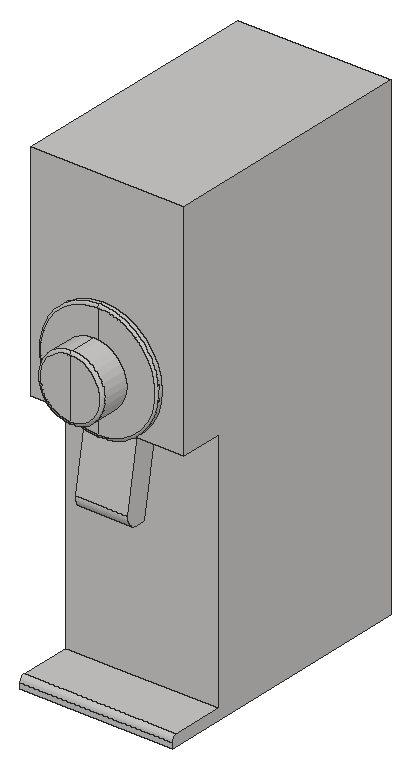
Revit family "QF_ELECTROLUXPROFESSIONAL_600789_E810UK", category Specialty Equipment, Revit 2018
Family settings
  Round Connector Dimension = Use Diameter
  Part Type = Normal
  Work Plane-Based = No
  Always vertical = Yes
  Cut with Voids When Loaded = No
  Shared = No
  Room Calculation Point = No
Parameters
  Weight = 0.00 lbm
  Watts = 0 W
  Volts = 230 V
  URL Manufacturer = "http://professional.electrolux.com"
  URL = "http://professional.electrolux.com"
  Steam Supply Size = 0"
  Steam Supply Minimum Pressure = 0.00 psi
  Steam Supply Maximum Pressure = 0.00 psi
  Steam Pounds per Hour = 0
  Show Clearance [instance] = yes
  Refrigeration Suction Line Size = 0"
  Refrigeration Liquid Line Size = 0"
  Refrigerant Compressor Remote = yes
  Phase = 1
  Model = "E810UK"
  Manufacturer = "Electrolux"
  Length Actual = 178 mm  # constant formula
  Item Number = "600789"
  Hot Water Size = 0"
  Height Actual = 559 mm  # constant formula
  HP = "1.1 HP"
  Gas Size = 0"
  Gas KW = 0
  Gas Input Pressure = 0.0 Btu/h
  Direct Waste Size = 0"
  Description = "GRINDER. ONE 0.7 KG HOPPER - BLACK WITH MEDIUM DUTY GRINDER-UK PLUG"
  Depth Actual = 356 mm  # constant formula
  Cycle = 50 Hz
  Condensate Return Size = 0"
  Compressed Air Volume = 0 GPM
  Compressed Air Size = 0"
  Compressed Air Pressure = 0.00 psi
  Cold Water Size = 0"
  Accessory = yes
Reference planes
  plane 1 "BACK": y = 0
  plane 2: z = 0
  plane 3 "LEFT": x = 0
  plane 4 "RIGHT": x = 178
  plane 5 "FRONT": y = -356
  plane 6 "TOP": z = 559
  plane 7 "Center Y": x = 89
  plane 8 "Center X": y = -178
Forms (mm)
  Extrusion 1, solid, material "QF_Metal - Stainless - Polished"
    sketch origin (0, 0, 0) x (0, 1, 0) y (0, 0, 1)
      loop
        line (-301.964, 559) -> (-301.964, 298.786) -> (-251.107, 298.786) -> (-251.107, 12.714) -> (-311.337, 12.714)
        arc (-311.337, 12.714) -> (-315.947, 10.804) -> (-317.857, 6.194) r 6.521
        line (-317.857, 6.194) -> (-317.857, 0) -> (0, 0) -> (0, 559) -> (-301.964, 559)
    from 0 to 178
  Revolve 2, solid, material "QF_Metal - Stainless - Polished"
    sketch origin (89, 175.397, 1219.2) x (0, 1, 0) y (0, 0, 1)
      loop
        line (-477.362, -857.479) -> (-477.362, -804.079) -> (-483.719, -804.079) -> (-483.719, -788.186) -> (-488.201, -788.186)
        arc (-488.201, -788.186) -> (-490.066, -788.958) -> (-490.839, -790.824) r 2.638
        line (-490.839, -790.824) -> (-490.839, -826.964) -> (-497.196, -826.964) -> (-497.196, -819.336) -> (-528.233, -819.336)
        arc (-528.233, -819.336) -> (-530.47, -820.263) -> (-531.397, -822.5) r 3.165
        line (-531.397, -822.5) -> (-531.397, -857.479) -> (-477.362, -857.479)
      axis (-531.397, -857.479) -> (-477.362, -857.479)
    angle from 0 to 360
  Extrusion 3, solid, material "QF_Metal - Stainless - Polished"
    sketch origin (0, 0, 0) x (0, 1, 0) y (0, 0, 1)
      loop
        line (-295.607, 298.786) -> (-309.79, 218.351)
        arc (-309.79, 218.351) -> (-307.009, 207.97) -> (-297.269, 203.429) r 12.714
        line (-297.269, 203.429) -> (-286.6, 203.429) -> (-269.786, 298.786) -> (-295.607, 298.786)
    from 58.486 to 119.514
  Extrusion 4, solid, material "QF_Door-Drawer Clearances", visible <- "Show Clearance", detail levels coarse
    sketch origin (0, 0, 0) x (0, 1, 0) y (0, 0, 1)
      loop
        arc (-44.479, 800.898) -> (-215.34, 730.125) -> (-286.112, 559.265) r 241.633
        line (-286.112, 559.265) -> (-44.479, 559.265) -> (-44.479, 800.898)
    from 12.295 to 165.705
  Extrusion 5, solid, material "QF_Metal - Stainless - Polished"
    sketch origin (18.398, 0, 559) x (0, 0, -1) y (-1, 0, 0)
      loop
        circle (456.375, -70.602) r 5
    from 0 to 2
Lines and regions (mm)
  symbolic lines
    curve 1: line (0, 0, 0) -> (178, 0, 0)
    curve 2: line (0, -301.964, 0) -> (0, 0, 0)
    curve 3: line (178, -301.964, 0) -> (0, -301.964, 0)
    curve 4: line (178, 0, 0) -> (178, -301.964, 0)
    curve 5: line (0, -301.964, 0) -> (0, -317.857, 0)
    curve 6: line (0, -317.857, 0) -> (58.486, -317.857, 0)
    curve 7: line (178, -317.857, 0) -> (119.525, -317.857, 0)
    curve 8: line (178, -301.964, 0) -> (178, -317.857, 0)
    curve 9: line (119.525, -315.441, 0) -> (119.525, -321.799, 0)
    curve 10: line (119.525, -321.799, 0) -> (127.143, -321.799, 0)
    curve 11: line (127.143, -321.799, 0) -> (127.143, -352.814, 0)
    curve 12: line (58.486, -321.799, 0) -> (58.486, -315.441, 0)
    curve 13: line (119.525, -321.799, 0) -> (50.857, -321.799, 0)
    curve 14: line (50.857, -321.799, 0) -> (50.857, -352.846, 0)
    curve 15: line (123.957, -356, 0) -> (54.011, -356, 0)
    curve 16: arc (127.143, -352.814, 0) -> (126.21, -355.067, 0) -> (123.957, -356, 0) r 3.186
    curve 17: arc (50.857, -352.846, 0) -> (51.781, -355.076, 0) -> (54.011, -356, 0) r 3.154
    curve 18: line (35.6, -301.964, 0) -> (35.6, -308.321, 0)
    curve 19: line (35.6, -308.321, 0) -> (19.707, -308.321, 0)
    curve 20: line (35.6, -308.321, 0) -> (158.293, -308.321, 0)
    curve 21: line (158.293, -308.321, 0) -> (158.293, -312.877, 0)
    curve 22: line (155.729, -315.441, 0) -> (22.341, -315.441, 0)
    curve 23: arc (158.293, -312.877, 0) -> (157.542, -314.69, 0) -> (155.729, -315.441, 0) r 2.564
    curve 24: line (19.707, -308.321, 0) -> (19.707, -312.807, 0)
    curve 25: arc (19.707, -312.807, 0) -> (20.479, -314.67, 0) -> (22.341, -315.441, 0) r 2.634
    curve 26: line (142.455, -308.321, 0) -> (142.455, -301.964, 0)
Dimensions and locks
  equal spacing: plane 3 "LEFT", plane 7 "Center Y", plane 4 "RIGHT"
  plane 3 "LEFT" to plane 4 "RIGHT" = 178 mm
  equal spacing: plane 5 "FRONT", plane 8 "Center X", plane 1 "BACK"
  plane 5 "FRONT" to plane 1 "BACK" = 356 mm  (x2)
  plane 6 "TOP" to level = 559 mm
  plane 6 "TOP" to plane 2 = 559 mm
  aligned and locked: level to plane 2
Automatic sketch dimensions
  Extrusion 1 sketch curve to level = 0 mm
  Extrusion 1 sketch curve to plane 6 "TOP" = 0 mm
  Extrusion 1 sketch curve to plane 1 "BACK" = 0 mm
  level to Extrusion 1 sketch curve = 12.714 mm
  Extrusion 1 sketch curve to plane 8 "Center X" = 73.107 mm
  Extrusion 1 sketch curve to Extrusion 1 sketch curve = 50.857 mm
  level to Extrusion 1 sketch curve = 6.194 mm
  Extrusion 1 sketch curve to plane 5 "FRONT" = 44.663 mm
  Extrusion 1 sketch curve to plane 6 "TOP" = 260.214 mm
  Extrusion 3 sketch curve to plane 5 "FRONT" = 46.21 mm
  Extrusion 3 sketch curve to Extrusion 3 sketch curve = 12.521 mm
  level to Extrusion 3 sketch curve = 216.143 mm
  Extrusion 3 sketch curve to Extrusion 3 sketch curve = 2.208 mm
  Extrusion 3 sketch curve to plane 5 "FRONT" = 60.393 mm
  Extrusion 3 sketch curve to Extrusion 3 sketch curve = 10.669 mm
  Extrusion 3 sketch curve to Extrusion 3 sketch curve = 25.821 mm
  Extrusion 3 sketch curve to Extrusion 3 sketch curve = 82.643 mm
  Revolve 2 sketch curve to plane 5 "FRONT" = 0 mm
  Revolve 2 sketch curve to plane 5 "FRONT" = 3.165 mm
  Revolve 2 sketch curve to Revolve 2 sketch curve = 31.037 mm
  Revolve 2 sketch curve to Revolve 2 sketch curve = 6.357 mm
  Revolve 2 sketch curve to Revolve 2 sketch curve = 2.638 mm
  Revolve 2 sketch curve to Revolve 2 sketch curve = 4.482 mm
  Revolve 2 sketch curve to Revolve 2 sketch curve = 13.477 mm
  Revolve 2 sketch curve to plane 6 "TOP" = 197.279 mm
  Revolve 2 sketch curve to Revolve 2 sketch curve = 30.514 mm
  Revolve 2 sketch curve to Revolve 2 sketch curve = 4.464 mm
  Revolve 2 sketch curve to Revolve 2 sketch curve = 15.257 mm
  Revolve 2 sketch curve to Revolve 2 sketch curve = 13.255 mm
  Revolve 2 sketch curve to plane 5 "FRONT" = 7.036 mm
  Revolve 2 sketch curve to Revolve 2 sketch curve = 25.094 mm
  Revolve 2 sketch curve to Revolve 2 sketch curve = 0 mm
  plane 6 "TOP" to Extrusion 4 sketch curve = 0.265 mm
  Extrusion 4 sketch curve to plane 5 "FRONT" = 69.888 mm
  plane 1 "BACK" to Extrusion 4 sketch curve = 44.479 mm
  plane 1 "BACK" to curve 1 = 0 mm
  curve 1 to plane 3 "LEFT" = 0 mm
  plane 5 "FRONT" to curve 17 = 0 mm
  curve 4 to plane 4 "RIGHT" = 0 mm
  plane 3 "LEFT" to curve 19 = 19.707 mm
  curve 24 to curve 25 = 2.634 mm
  curve 25 to curve 20 = 13.259 mm
  curve 14 to plane 5 "FRONT" = 3.154 mm
  curve 14 to plane 7 "Center Y" = 38.143 mm
  plane 7 "Center Y" to curve 9 = 30.525 mm
  curve 9 to curve 15 = 4.431 mm
  curve 16 to curve 11 = 3.186 mm
  plane 4 "RIGHT" to curve 22 = 22.271 mm
  curve 23 to curve 20 = 2.564 mm
  curve 14 to curve 14 = 31.048 mm
  curve 8 to plane 5 "FRONT" = 38.143 mm
  curve 7 to curve 22 = 2.416 mm
  curve 25 to curve 18 = 4.486 mm
  curve 5 to curve 3 = 15.893 mm
  curve 13 to curve 12 = 7.629 mm
  curve 26 to curve 23 = 13.273 mm
  curve 12 to curve 6 = 3.941 mm
  Extrusion 1 to Extrusion 5 sketch curve = 102.625 mm
  Extrusion 1 to Extrusion 5 sketch curve = 89 mm
  radius of Extrusion 5 sketch curve = 5 mm
Connectors
  electrical at (89, 2, 102.625)
    settings: on Extrusion 5, index 1, voltage 230 V, apparent load 0 VA, apparent load phase1 0 VA, apparent load phase2 0 VA, apparent load phase3 0 VA, power factor 1, load classification "Other", number of poles 1, system type 30, power factor state 1, is connector primary yes, connector utility no, sub classification motor no, connector description "ELECTRICAL CONNECTION"
